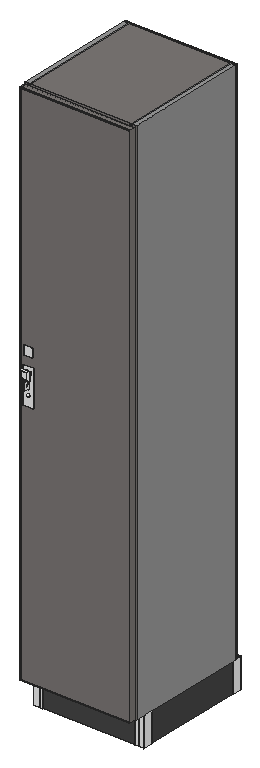
Revit family "Wood_Lockers_Hasps-Salsbury_Industries-15_41000_Series-1_Wide_Units", category Specialty Equipment, Revit 2026
Family settings
  Round Connector Dimension = Use Diameter
  Part Type = Normal
  Classification Number = 23.40.00.00
  Work Plane-Based = No
  Enable Cutting in Views = No
  Always vertical = Yes
  Cut with Voids When Loaded = No
  Maintain Annotation Orientation = No
  Shared = No
  Room Calculation Point = No
Parameters (values of type "15-41168")
  Width = 15.000"
  Version = "1.0 (01/31/24)"
  Unit Height including Sloping Hood Only [instance] = 78.868"
  Unit Height including Base Only [instance] = 76.000"
  URL = "www.lockers.com"
  Type Comments = "Premier Wood Locker - Single Tier - with Hasp"
  Total Door Height [instance] = if(Unit Height = 72.000", 71.750", if(Unit Height = 60.000", 59.750", 0.000"))  # 71.750"
  Sloping Top Corner Filler - Right Side [instance] = Wood Locker Sloping Corner Fillers : None
  Sloping Top Corner Filler - Left Side [instance] = Wood Locker Sloping Corner Fillers : None
  Sloping In-Line Filler - Right Side [instance] = Wood Locker Sloping In-Line Fillers : None
  Sloping In-Line Filler - Left Side [instance] = Wood Locker Sloping In-Line Fillers : None
  Sloping Hood Height = if(Depth = 15.000", 5.743", if(Depth = 18.000", 6.868", if(Depth = 21.000", 7.993", if(Depth = 24.000", 9.118", 0.000"))))  # 6.868"
  Sloping Hood [instance] = Wood Locker Sloping Hoods : None
  Side Panel without Slope - Right Side [instance] = Wood Locker Side Panels-No Slope : None
  Side Panel without Slope - Left Side [instance] = Wood Locker Side Panels-No Slope : None
  Side Panel with Slope - Right Side [instance] = Wood Locker Side Panels-With Slope : None
  Side Panel with Slope - Left Side [instance] = Wood Locker Side Panels-With Slope : None
  Secondary Structure Materials = Particle Board Industrial Grade - Salsbury Finish - Black Melamine Overlay
  Primary Structure Materials = Particle Board Industrial Grade - Salsbury Finish - Plain
  Overall Unit Height including Base and Sloping Hood [instance] = 82.868"
  OmniClass 23 Title = "Equipment and Furnishings"
  OmniClass 23 Number = "23.40.00.00"
  Model = "15-41168"
  MasterFormat Title = "Lockers"
  MasterFormat Code = "10 51 23"
  Manufacturer = "Salsbury Industries"
  Laminate Surface [instance] = Industrial Grade Particleboard with Wood Laminate - Salsbury Finish - Skyline Walnut
  Interior Material = Textured Melamine - Salsbury Finish - White
  Individual Door Width [instance] = 14.875"
  Unit Height = 72.000"
  Hardware = Aluminum - Salsbury Finish - Black Satin
  Front Vertical Filler - Right Side [instance] = Wood Locker Front Fillers : None
  Front Vertical Filler - Left Side [instance] = Wood Locker Front Fillers : None
  Front Corner Filler - Right Side [instance] = Wood Locker Front Corner Filler : None
  Front Corner Filler - Left Side [instance] = Wood Locker Front Corner Filler : None
  Flat Top In-Line Filler - Right Side [instance] = Wood Locker Flat In-Line Fillers : None
  Flat Top In-Line Filler - Left Side [instance] = Wood Locker Flat In-Line Fillers : None
  Flat Top Corner Filler - Right Side [instance] = Wood Locker Flat Corner Fillers : None
  Flat Top Corner Filler - Left Side [instance] = Wood Locker Flat Corner Fillers : None
  Fascia Filler [instance] = Wood Locker Fascia Fillers : None
  Double Side Panel without Slope - Right Side [instance] = Wood Locker Double Side Panels-No Slope : None
  Double Side Panel without Slope - Left Side [instance] = Wood Locker Double Side Panels-No Slope : None
  Double Side Panel with Slope - Right Side [instance] = Wood Locker Double Side Panels-With Slope : None
  Double Side Panel with Slope - Left Side [instance] = Wood Locker Double Side Panels-With Slope : None
  Door Location D1 = Premier Locker Doors_Hasp : Single Tier Door for Six Foot High Locker
  Description = "1 Wide - 6 Feet High - 18 inches Deep - with Base"
  Depth = 18.000"
  Default Elevation = 0.000"
  Compartment Width [instance] = 13.750"
  Compartment Height [instance] = if(Unit Height = 72.000", 70.500", if(Unit Height = 60.000", 58.500", 0.000"))  # 70.500"
  Compartment Depth [instance] = 16.750"
  Base Material = Particle Board Industrial Grade - Salsbury Finish - Black Melamine Overlay
  Base Height = 4.000"
  Base Depth [instance] = 16.250"
  Base = Wood Locker Bases : Base - 15" W x 18" D Lockers
  Assembly Code = "C1030310"
Reference planes (in)
  plane 1 "Center (Front/Back)": y = 0
  plane 2: z = 0
  plane 3 "Center (Left/Right)": x = 0
  plane 4 "Right Side of Unit": x = 7.5
  plane 5 "Left Side of Unit": x = -7.5
  plane 6 "Back of Unit": y = 9
  plane 7 "Front of Unit": y = -9
  plane 8 "Bottom of Base": z = 0
  plane 9 "Top Edge of Unit": z = 76
  plane 10 "Top of Base Edge": z = 4
  plane 11: z = 82.868
  plane 12 "Right Compartment Edge": x = 6.906
  plane 13 "Left Compartment Edge": x = -6.906
  plane 14 "Front Melamine Edge": y = -8
  plane 15 "Back Compartment Edge": y = 8.781
  plane 16 "Front Compartment Edge": y = -7.969
  plane 17 "Front Edge of Base": y = -6.625
  plane 18 "Bottom Edge of Door": z = 4.125
  plane 19 "Top Edge of Door": z = 75.875
  plane 20 "Bottom Compartment Edge": z = 4.75
  plane 21 "Top Compartment Edge": z = 75.25
  plane 22 "Center Top and Bottom": z = 40
  plane 23 "Left Melamine Edge": x = -6.875
  plane 24 "Right Melamine Edge": x = 6.875
  plane 25 "Back Melamine Edge": y = 8.75
  plane 26 "Left Edge of Door": x = -7.375
  plane 27: y = 9.625
  plane 28: y = -7.25
  plane 29 "Base / Ventillation Alignment": y = 9.625
  plane 30 "Compartment Shelf": z = 64.125
  plane 31: z = 63.375
  plane 32 "5" Shelf": z = 58.875
  plane 33: z = 58.125
  plane 34 "Front Edge of 5" Shelf": y = 3.75
  plane 35 "11.75" Shelf": z = 13
  plane 36: z = 13.75
  plane 37 "Front of Shoe Shelf": y = -3
  plane 38: y = 3.781
  plane 39: y = -2.969
  plane 40: z = 81.743
  plane 41: z = 81.743
  plane 42: z = 82.61385
  plane 43: z = 82.19365
  plane 44: z = 75.281
  plane 45: z = 4.719
Forms (in)
  Extrusion 1, solid, material "Particle Board Industrial Grade - Salsbury Finish - Plain" <- "Primary Structure Materials"
    sketch origin (7.5, 0, 0) x (0, -1, 0) y (0, 0, 1)
      loop
        line (7.969, 76) -> (-8.75, 76) -> (-8.75, 4) -> (7.969, 4) -> (7.969, 76)
    from 0 to 0.594
  Extrusion 2, solid, material "Particle Board Industrial Grade - Salsbury Finish - Plain" <- "Primary Structure Materials"
    sketch origin (-7.5, 0, 0) x (0, -1, 0) y (0, 0, 1)
      loop
        line (-8.75, 76) -> (-8.75, 4) -> (7.969, 4) -> (7.969, 76) -> (-8.75, 76)
    from 0 to -0.594
  Extrusion 3, solid, material "Particle Board Industrial Grade - Salsbury Finish - Black Melamine Overlay" <- "Secondary Structure Materials"
    sketch origin (0, 0, 4) x (0, -1, 0) y (1, 0, 0)
      loop
        line (-8.75, -6.875) -> (7.969, -6.875) -> (7.969, 6.875) -> (-8.75, 6.875) -> (-8.75, -6.875)
    from 0 to 0.719
  Extrusion 4, solid, material "Industrial Grade Particleboard with Wood Laminate - Salsbury Finish - Skyline Walnut" <- "Laminate Surface"
    sketch origin (-0.3905, 0.3905, 76) x (-1, 0, 0) y (0, -1, 0)
      loop
        line (-7.2655, -8.3595) -> (6.4845, -8.3595) -> (6.4845, 8.3595) -> (-7.2655, 8.3595) -> (-7.2655, -8.3595)
    from 0 to -0.75
  Extrusion 5, solid, material "Particle Board Industrial Grade - Salsbury Finish - Plain" <- "Primary Structure Materials"
    sketch origin (0, 9, 0) x (1, 0, 0) y (0, 0, 1)
      loop
        line (-7.5, 76) -> (-7.5, 4) -> (7.5, 4) -> (7.5, 76) -> (-7.5, 76)
    from 0 to 0.219
  Extrusion 6, solid, material "Industrial Grade Particleboard with Wood Laminate - Salsbury Finish - Skyline Walnut" <- "Laminate Surface"
    sketch origin (0, -7.969, 0) x (1, 0, 0) y (0, 0, 1)
      loop
        line (-7.5, 76) -> (-7.5, 4) -> (-6.875, 4) -> (-6.875, 76) -> (-7.5, 76)
    from 0 to 0.031
  Extrusion 7, solid, material "Industrial Grade Particleboard with Wood Laminate - Salsbury Finish - Skyline Walnut" <- "Laminate Surface"
    sketch origin (0, -7.969, 0) x (-1, 0, 0) y (0, 0, -1)
      loop
        line (-7.5, -76) -> (-6.875, -76) -> (-6.875, -4) -> (-7.5, -4) -> (-7.5, -76)
    from 0 to 0.031
  Extrusion 8, solid, material "Textured Melamine - Salsbury Finish - White" <- "Interior Material"
    sketch origin (0, 8.75, 0) x (1, 0, 0) y (0, 0, 1)
      loop
        line (-7.5, 76) -> (-7.5, 4) -> (7.5, 4) -> (7.5, 76) -> (-7.5, 76)
    from -0.031 to 0
  Extrusion 9, solid, material "Textured Melamine - Salsbury Finish - White" <- "Interior Material"
    sketch origin (-6.906, 0, 0) x (0, -1, 0) y (0, 0, 1)
      loop
        line (-8.75, 76) -> (-8.75, 4) -> (7.969, 4) -> (7.969, 76) -> (-8.75, 76)
    from 0 to -0.031
  Extrusion 10, solid, material "Textured Melamine - Salsbury Finish - White" <- "Interior Material"
    sketch origin (6.906, 0, 0) x (0, -1, 0) y (0, 0, 1)
      loop
        line (7.969, 76) -> (-8.75, 76) -> (-8.75, 4) -> (7.969, 4) -> (7.969, 76)
    from 0 to 0.031
  Extrusion 11, solid, material "Textured Melamine - Salsbury Finish - White" <- "Interior Material", detail levels fine
    sketch origin (0, 0, 64.125) x (0, -1, 0) y (1, 0, 0)
      loop
        line (-8.75, -6.875) -> (7.969, -6.875) -> (7.969, 6.875) -> (-8.75, 6.875) -> (-8.75, -6.875)
    from 0 to -0.75
  Extrusion 12, solid, material "Textured Melamine - Salsbury Finish - White" <- "Interior Material", detail levels fine
    sketch origin (0, 0, 58.875) x (0, -1, 0) y (1, 0, 0)
      loop
        line (-8.75, -6.875) -> (-3.781, -6.875) -> (-3.781, 6.875) -> (-8.75, 6.875) -> (-8.75, -6.875)
    from 0 to -0.75
  Extrusion 13, solid, material "Textured Melamine - Salsbury Finish - White" <- "Interior Material", detail levels fine
    sketch origin (0, 0, 13) x (0, -1, 0) y (1, 0, 0)
      loop
        line (-8.75, -6.875) -> (2.969, -6.875) -> (2.969, 6.875) -> (-8.75, 6.875) -> (-8.75, -6.875)
    from 0.75 to 0
  Extrusion 14, solid, material "Industrial Grade Particleboard with Wood Laminate - Salsbury Finish - Skyline Walnut" <- "Laminate Surface"
    sketch origin (0, -7.969, 0) x (1, 0, 0) y (0, 0, 1)
      loop
        line (6.875, 75.25) -> (6.875, 76) -> (-6.875, 76) -> (-6.875, 75.25) -> (6.875, 75.25)
    from 0 to 0.031
  Extrusion 15, solid, material "Industrial Grade Particleboard with Wood Laminate - Salsbury Finish - Skyline Walnut" <- "Laminate Surface"
    sketch origin (0, -7.969, -71.25) x (1, 0, 0) y (0, 0, 1)
      loop
        line (6.875, 75.25) -> (6.875, 76) -> (-6.875, 76) -> (-6.875, 75.25) -> (6.875, 75.25)
    from 0 to 0.031
  Extrusion 16, solid, material "Industrial Grade Particleboard with Wood Laminate - Salsbury Finish - Skyline Walnut" <- "Laminate Surface", detail levels fine
    sketch origin (0, -7.969, 0) x (1, 0, 0) y (0, 0, 1)
      loop
        line (-6.875, 64.125) -> (-6.875, 63.375) -> (6.875, 63.375) -> (6.875, 64.125) -> (-6.875, 64.125)
    from 0 to 0.031
  Extrusion 17, solid, material "Industrial Grade Particleboard with Wood Laminate - Salsbury Finish - Skyline Walnut" <- "Laminate Surface", detail levels fine
    sketch origin (0, 3.75, 0) x (1, 0, 0) y (0, 0, 1)
      loop
        line (-6.875, 58.875) -> (-6.875, 58.125) -> (6.875, 58.125) -> (6.875, 58.875) -> (-6.875, 58.875)
    from -0.031 to 0
  Extrusion 18, solid, material "Industrial Grade Particleboard with Wood Laminate - Salsbury Finish - Skyline Walnut" <- "Laminate Surface", detail levels fine
    sketch origin (0, -3, 0) x (1, 0, 0) y (0, 0, 1)
      loop
        line (-6.875, 13.75) -> (-6.875, 13) -> (6.875, 13) -> (6.875, 13.75) -> (-6.875, 13.75)
    from -0.031 to 0
  Extrusion 19, solid, material "Textured Melamine - Salsbury Finish - White" <- "Interior Material"
    sketch origin (0, 0, 4.75) x (0, -1, 0) y (1, 0, 0)
      loop
        line (-8.75, -6.875) -> (7.969, -6.875) -> (7.969, 6.875) -> (-8.75, 6.875) -> (-8.75, -6.875)
    from -0.031 to 0
Lines and regions (in)
  symbolic lines
    curve 1: line (-7.5, 8.75, 76) -> (7.50006, 8.75, 76)
    curve 2: line (-7.5, 8.75, 0) -> (-7.5, 8.75, 76)
    curve 3: line (7.50006, 8.75, 76) -> (7.50006, 8.75, 0)
    curve 4: line (6.906, -8, 76) -> (6.906, 9.625, 76)
    curve 5: line (6.906, -8, 0) -> (6.906, -8, 76)
    curve 6: line (6.906, 9.625, 76) -> (6.906, 9.625, 0)
    curve 7: line (7.50006, 8.75, 0) -> (-7.5, 8.75, 0)
    curve 8: line (6.906, -6.625, 0) -> (6.906, 9.625, 0)
    curve 9: line (6.906, 9.625, 0) -> (6.906, -6.625, 0)
    curve 10: line (6.906, -8, 0) -> (6.906, 9.625, 0)
    curve 11: line (-7.5, 9.625, 0) -> (7.5, 9.625, 0)
    curve 12: line (-7.5, -8, 0) -> (-7.5, 9.625, 0)
    curve 13: line (7.5, -8, 0) -> (-7.5, -8, 0)
    curve 14: line (7.5, 9.625, 0) -> (7.5, -8, 0)
Dimensions and locks (in)
  equal spacing: plane 5 "Left Side of Unit", plane 3 "Center (Left/Right)", plane 4 "Right Side of Unit"
  "Width": plane 5 "Left Side of Unit" to plane 4 "Right Side of Unit"
  equal spacing: plane 7 "Front of Unit", plane 1 "Center (Front/Back)", plane 6 "Back of Unit"
  "Depth": plane 7 "Front of Unit" to plane 6 "Back of Unit"
  "Base Height": plane 10 "Top of Base Edge" to plane 8 "Bottom of Base"
  "Unit Height": plane 9 "Top Edge of Unit" to plane 10 "Top of Base Edge"
  "Sloping Hood Height": plane 11 to plane 9 "Top Edge of Unit"
  locked: plane 12 "Right Compartment Edge" to plane 4 "Right Side of Unit" at 0.594
  locked: plane 5 "Left Side of Unit" to plane 13 "Left Compartment Edge" at 0.594
  locked: plane 7 "Front of Unit" to plane 14 "Front Melamine Edge" at 1
  locked: plane 15 "Back Compartment Edge" to plane 6 "Back of Unit" at 0.219
  locked: plane 14 "Front Melamine Edge" to plane 16 "Front Compartment Edge" at 0.031
  plane 18 "Bottom Edge of Door" to plane 10 "Top of Base Edge" = 0.125"
  plane 9 "Top Edge of Unit" to plane 19 "Top Edge of Door" = 0.125"
  plane 20 "Bottom Compartment Edge" to plane 10 "Top of Base Edge" = 0.750"
  plane 9 "Top Edge of Unit" to plane 21 "Top Compartment Edge" = 0.750"
  equal spacing: plane 9 "Top Edge of Unit", plane 22 "Center Top and Bottom", plane 10 "Top of Base Edge"
  locked: plane 24 "Right Melamine Edge" to plane 12 "Right Compartment Edge" at 0.031
  locked: plane 13 "Left Compartment Edge" to plane 23 "Left Melamine Edge" at 0.031
  locked: plane 25 "Back Melamine Edge" to plane 15 "Back Compartment Edge" at 0.031
  locked: plane 5 "Left Side of Unit" to plane 26 "Left Edge of Door" at 0.125
  "Individual Door Width": plane 26 "Left Edge of Door" to plane 4 "Right Side of Unit"
  "Total Door Height": plane 19 "Top Edge of Door" to plane 18 "Bottom Edge of Door"
  "Unit Height including Base Only": plane 9 "Top Edge of Unit" to plane 8 "Bottom of Base"
  "Unit Height including Sloping Hood Only": plane 11 to plane 10 "Top of Base Edge"
  "Overall Unit Height including Base and Sloping Hood": plane 11 to plane 8 "Bottom of Base"
  locked: plane 7 "Front of Unit" to plane 17 "Front Edge of Base" at 2.375
  locked: plane 6 "Back of Unit" to plane 27 at 0.625
  "Base Depth": plane 17 "Front Edge of Base" to plane 27
  "Compartment Width": plane 23 "Left Melamine Edge" to plane 24 "Right Melamine Edge"
  "Compartment Height": plane 21 "Top Compartment Edge" to plane 20 "Bottom Compartment Edge"
  "Compartment Depth": plane 14 "Front Melamine Edge" to plane 25 "Back Melamine Edge"
  locked: plane 14 "Front Melamine Edge" to plane 28 at 0.75
  plane 14 "Front Melamine Edge" to plane 27 = 17.625"
  Extrusion 2 to Extrusion 9 = 16.719"
  plane 6 "Back of Unit" to plane 29 "Base / Ventillation Alignment" = 0.625"
  plane 21 "Top Compartment Edge" to plane 30 "Compartment Shelf" = 11.125"
  locked: plane 30 "Compartment Shelf" to plane 31 at 0.75
  locked: plane 31 to plane 32 "5" Shelf" at 4.5
  locked: plane 32 "5" Shelf" to plane 33 at 0.75
  locked: plane 34 "Front Edge of 5" Shelf" to plane 25 "Back Melamine Edge" at 5
  locked: plane 36 to plane 35 "11.75" Shelf" at 0.75
  locked: plane 35 "11.75" Shelf" to plane 20 "Bottom Compartment Edge" at 8.25
  locked: plane 37 "Front of Shoe Shelf" to plane 25 "Back Melamine Edge" at 11.75
  locked: plane 34 "Front Edge of 5" Shelf" to plane 38 at 0.031
  locked: plane 37 "Front of Shoe Shelf" to plane 39 at 0.031
  locked: plane 44 to plane 21 "Top Compartment Edge" at 0.031
  locked: plane 20 "Bottom Compartment Edge" to plane 45 at 0.031
  aligned and locked: level to plane 2
  aligned and locked: plane 15 "Back Compartment Edge" to Extrusion 5
  aligned and locked: plane 9 "Top Edge of Unit" to nested 1
  aligned and locked: plane 28 to nested 1
  aligned and locked: nested 2 to plane 28
  aligned and locked: plane 5 "Left Side of Unit" to nested 2
  aligned and locked: plane 4 "Right Side of Unit" to nested 1
  aligned and locked: nested 2 to plane 9 "Top Edge of Unit"
  aligned and locked: plane 14 "Front Melamine Edge" to nested 3
  aligned and locked: plane 4 "Right Side of Unit" to nested 3
  aligned and locked: nested 4 to plane 14 "Front Melamine Edge"
  aligned and locked: plane 5 "Left Side of Unit" to nested 4
  aligned and locked: nested 3 to plane 8 "Bottom of Base"
  aligned and locked: nested 4 to plane 8 "Bottom of Base"
  aligned and locked: plane 17 "Front Edge of Base" to nested 5
  aligned and locked: nested 7 to plane 9 "Top Edge of Unit"
  aligned and locked: plane 4 "Right Side of Unit" to nested 7
  aligned and locked: nested 6 to plane 9 "Top Edge of Unit"
  aligned and locked: plane 5 "Left Side of Unit" to nested 6
  aligned and locked: nested 7 to plane 28
  aligned and locked: nested 6 to plane 28
  aligned and locked: plane 14 "Front Melamine Edge" to nested 8
  aligned and locked: plane 9 "Top Edge of Unit" to nested 8
  aligned and locked: plane 8 "Bottom of Base" to nested 5
  aligned and locked: plane 3 "Center (Left/Right)" to nested 5
  aligned and locked: plane 25 "Back Melamine Edge" to Extrusion 3 sketch curve
  aligned and locked: Extrusion 3 sketch curve to plane 23 "Left Melamine Edge"
  aligned and locked: plane 24 "Right Melamine Edge" to Extrusion 3 sketch curve
  aligned and locked: plane 10 "Top of Base Edge" to Extrusion 3
  aligned and locked: Extrusion 4 to plane 9 "Top Edge of Unit"
  aligned and locked: Extrusion 2 sketch curve to plane 9 "Top Edge of Unit"
  aligned and locked: plane 16 "Front Compartment Edge" to Extrusion 2 sketch curve
  aligned and locked: Extrusion 2 sketch curve to plane 25 "Back Melamine Edge"
  aligned and locked: plane 10 "Top of Base Edge" to Extrusion 2 sketch curve
  aligned and locked: Extrusion 2 to plane 13 "Left Compartment Edge"
  aligned and locked: plane 5 "Left Side of Unit" to Extrusion 2
  aligned and locked: plane 10 "Top of Base Edge" to Extrusion 9 sketch curve
  aligned and locked: Extrusion 9 sketch curve to plane 25 "Back Melamine Edge"
  aligned and locked: Extrusion 9 sketch curve to plane 9 "Top Edge of Unit"
  aligned and locked: Extrusion 1 sketch curve to plane 16 "Front Compartment Edge"
  aligned and locked: plane 9 "Top Edge of Unit" to Extrusion 1 sketch curve
  aligned and locked: Extrusion 1 sketch curve to plane 10 "Top of Base Edge"
  aligned and locked: plane 25 "Back Melamine Edge" to Extrusion 1 sketch curve
  aligned and locked: Extrusion 1 to plane 4 "Right Side of Unit"
  aligned and locked: plane 12 "Right Compartment Edge" to Extrusion 1
  aligned and locked: Extrusion 10 sketch curve to plane 10 "Top of Base Edge"
  aligned and locked: plane 25 "Back Melamine Edge" to Extrusion 10 sketch curve
  aligned and locked: Extrusion 10 sketch curve to plane 16 "Front Compartment Edge"
  aligned and locked: plane 9 "Top Edge of Unit" to Extrusion 10 sketch curve
  aligned and locked: Extrusion 10 to plane 12 "Right Compartment Edge"
  aligned and locked: plane 24 "Right Melamine Edge" to Extrusion 10
  aligned and locked: Extrusion 8 sketch curve to plane 10 "Top of Base Edge"
  aligned and locked: plane 4 "Right Side of Unit" to Extrusion 8 sketch curve
  aligned and locked: plane 9 "Top Edge of Unit" to Extrusion 8 sketch curve
  aligned and locked: Extrusion 8 sketch curve to plane 5 "Left Side of Unit"
  aligned and locked: Extrusion 8 to plane 15 "Back Compartment Edge"
  aligned and locked: plane 25 "Back Melamine Edge" to Extrusion 8
  aligned and locked: plane 9 "Top Edge of Unit" to Extrusion 5 sketch curve
  aligned and locked: Extrusion 5 sketch curve to plane 5 "Left Side of Unit"
  aligned and locked: Extrusion 5 sketch curve to plane 10 "Top of Base Edge"
  aligned and locked: plane 4 "Right Side of Unit" to Extrusion 5 sketch curve
  aligned and locked: Extrusion 7 sketch curve to plane 9 "Top Edge of Unit"
  aligned and locked: Extrusion 7 sketch curve to plane 4 "Right Side of Unit"
  aligned and locked: plane 24 "Right Melamine Edge" to Extrusion 7 sketch curve
  aligned and locked: plane 10 "Top of Base Edge" to Extrusion 7 sketch curve
  aligned and locked: Extrusion 7 to plane 16 "Front Compartment Edge"
  aligned and locked: plane 14 "Front Melamine Edge" to Extrusion 7
  aligned and locked: Extrusion 6 sketch curve to plane 10 "Top of Base Edge"
  aligned and locked: plane 23 "Left Melamine Edge" to Extrusion 6 sketch curve
  aligned and locked: Extrusion 6 sketch curve to plane 5 "Left Side of Unit"
  aligned and locked: plane 9 "Top Edge of Unit" to Extrusion 6 sketch curve
  aligned and locked: Extrusion 6 to plane 16 "Front Compartment Edge"
  aligned and locked: plane 14 "Front Melamine Edge" to Extrusion 6
  aligned and locked: plane 16 "Front Compartment Edge" to Extrusion 9
  aligned and locked: Extrusion 9 to Extrusion 3
  aligned and locked: plane 13 "Left Compartment Edge" to Extrusion 9
  aligned and locked: curve 2 to nested 4
  aligned and locked: nested 3 to curve 5
  aligned and locked: curve 9 to nested 5
  aligned and locked: curve 10 to nested 3
  aligned and locked: curve 13 to plane 14 "Front Melamine Edge"
  aligned and locked: curve 12 to plane 5 "Left Side of Unit"
  aligned and locked: plane 29 "Base / Ventillation Alignment" to curve 11
  aligned and locked: plane 3 "Center (Left/Right)" to nested 8
  aligned and locked: plane 29 "Base / Ventillation Alignment" to curve 6
  aligned and locked: plane 25 "Back Melamine Edge" to Extrusion 11 sketch curve
  aligned and locked: Extrusion 11 sketch curve to plane 23 "Left Melamine Edge"
  aligned and locked: plane 24 "Right Melamine Edge" to Extrusion 11 sketch curve
  aligned and locked: plane 31 to Extrusion 11
  aligned and locked: Extrusion 11 to plane 30 "Compartment Shelf"
  aligned and locked: Extrusion 12 to plane 24 "Right Melamine Edge"
  aligned and locked: plane 23 "Left Melamine Edge" to Extrusion 12
  aligned and locked: Extrusion 12 to plane 32 "5" Shelf"
  aligned and locked: plane 33 to Extrusion 12
  aligned and locked: Extrusion 12 to plane 25 "Back Melamine Edge"
  aligned and locked: Extrusion 13 to plane 36
  aligned and locked: plane 35 "11.75" Shelf" to Extrusion 13
  aligned and locked: Extrusion 13 to plane 24 "Right Melamine Edge"
  aligned and locked: plane 23 "Left Melamine Edge" to Extrusion 13
  aligned and locked: Extrusion 13 to plane 25 "Back Melamine Edge"
  aligned and locked: Extrusion 14 sketch curve to Extrusion 4
  aligned and locked: Extrusion 6 to Extrusion 14 sketch curve
  aligned and locked: plane 20 "Bottom Compartment Edge" to Extrusion 15 sketch curve
  aligned and locked: Extrusion 15 sketch curve to plane 10 "Top of Base Edge"
  aligned and locked: Extrusion 15 sketch curve to plane 23 "Left Melamine Edge"
  aligned and locked: plane 24 "Right Melamine Edge" to Extrusion 15 sketch curve
  aligned and locked: Extrusion 15 to plane 16 "Front Compartment Edge"
  aligned and locked: plane 14 "Front Melamine Edge" to Extrusion 15
  aligned and locked: Extrusion 11 sketch curve to plane 16 "Front Compartment Edge"
  aligned and locked: Extrusion 16 sketch curve to Extrusion 11  (x4)
  aligned and locked: plane 14 "Front Melamine Edge" to Extrusion 16
  aligned and locked: Extrusion 16 to plane 16 "Front Compartment Edge"
  aligned and locked: plane 38 to Extrusion 12
  aligned and locked: Extrusion 17 sketch curve to plane 33
  aligned and locked: plane 32 "5" Shelf" to Extrusion 17 sketch curve
  aligned and locked: Extrusion 17 sketch curve to plane 23 "Left Melamine Edge"
  aligned and locked: plane 24 "Right Melamine Edge" to Extrusion 17 sketch curve
  aligned and locked: Extrusion 17 to Extrusion 12
  aligned and locked: plane 34 "Front Edge of 5" Shelf" to Extrusion 17
  aligned and locked: plane 39 to Extrusion 13
  aligned and locked: Extrusion 18 to Extrusion 13  (x3)
  aligned and locked: plane 23 "Left Melamine Edge" to Extrusion 18
  aligned and locked: Extrusion 18 to plane 24 "Right Melamine Edge"
  aligned and locked: plane 37 "Front of Shoe Shelf" to Extrusion 18
  aligned and locked: plane 5 "Left Side of Unit" to nested 9
  aligned and locked: plane 10 "Top of Base Edge" to nested 9
  aligned and locked: nested 9 to plane 14 "Front Melamine Edge"
  aligned and locked: nested 10 to plane 10 "Top of Base Edge"
  aligned and locked: plane 4 "Right Side of Unit" to nested 10
  aligned and locked: plane 14 "Front Melamine Edge" to nested 10
  aligned and locked: plane 3 "Center (Left/Right)" to nested 11
  aligned and locked: plane 9 "Top Edge of Unit" to nested 11
  aligned and locked: plane 14 "Front Melamine Edge" to nested 11
  aligned and locked: plane 5 "Left Side of Unit" to nested 12
  aligned and locked: plane 10 "Top of Base Edge" to nested 12
  aligned and locked: nested 12 to plane 14 "Front Melamine Edge"
  aligned and locked: plane 4 "Right Side of Unit" to nested 13
  aligned and locked: nested 13 to plane 10 "Top of Base Edge"
  aligned and locked: plane 14 "Front Melamine Edge" to nested 13
  aligned and locked: plane 5 "Left Side of Unit" to nested 14
  aligned and locked: plane 10 "Top of Base Edge" to nested 14
  aligned and locked: nested 14 to plane 14 "Front Melamine Edge"
  aligned and locked: plane 4 "Right Side of Unit" to nested 15
  aligned and locked: nested 15 to plane 10 "Top of Base Edge"
  aligned and locked: plane 14 "Front Melamine Edge" to nested 15
  aligned and locked: plane 10 "Top of Base Edge" to nested 16
  aligned and locked: plane 5 "Left Side of Unit" to nested 16
  aligned and locked: nested 16 to plane 14 "Front Melamine Edge"
  aligned and locked: plane 14 "Front Melamine Edge" to nested 17
  aligned and locked: plane 4 "Right Side of Unit" to nested 17
  aligned and locked: nested 17 to plane 10 "Top of Base Edge"
  aligned and locked: plane 18 "Bottom Edge of Door" to nested 18
  aligned and locked: plane 4 "Right Side of Unit" to nested 18
  aligned and locked: nested 18 to plane 7 "Front of Unit"
  aligned and locked: plane 5 "Left Side of Unit" to nested 19
  aligned and locked: plane 9 "Top Edge of Unit" to nested 19
  aligned and locked: nested 19 to plane 14 "Front Melamine Edge"
  aligned and locked: nested 20 to plane 14 "Front Melamine Edge"
  aligned and locked: plane 4 "Right Side of Unit" to nested 20
  aligned and locked: nested 20 to plane 9 "Top Edge of Unit"
  aligned and locked: nested 21 to plane 14 "Front Melamine Edge"
  aligned and locked: plane 5 "Left Side of Unit" to nested 21
  aligned and locked: nested 21 to plane 9 "Top Edge of Unit"
  aligned and locked: nested 22 to plane 14 "Front Melamine Edge"
  aligned and locked: nested 22 to plane 4 "Right Side of Unit"
  aligned and locked: nested 22 to plane 9 "Top Edge of Unit"
  aligned and locked: plane 21 "Top Compartment Edge" to Extrusion 14
  aligned and locked: Extrusion 3 to plane 45
  aligned and locked: Extrusion 19 sketch curve to Extrusion 3  (x4)
  aligned and locked: Extrusion 19 to Extrusion 3
  aligned and locked: Extrusion 19 to plane 20 "Bottom Compartment Edge"
  aligned and locked: plane 14 "Front Melamine Edge" to nested 23
  aligned and locked: nested 23 to plane 5 "Left Side of Unit"
  aligned and locked: nested 23 to plane 8 "Bottom of Base"
  aligned and locked: plane 8 "Bottom of Base" to nested 24
  aligned and locked: nested 24 to plane 4 "Right Side of Unit"
  aligned and locked: nested 24 to plane 14 "Front Melamine Edge"
  aligned and locked: plane 21 "Top Compartment Edge" to Extrusion 4
  aligned and locked: Extrusion 4 to Extrusion 3  (x2)
  aligned and locked: Extrusion 3 to Extrusion 4
  aligned and locked: plane 16 "Front Compartment Edge" to Extrusion 4
Automatic sketch dimensions
  plane 16 "Front Compartment Edge" to Extrusion 3 sketch curve = 0.000"
  Extrusion 9 sketch curve to plane 16 "Front Compartment Edge" = 0.000"
  curve 3 to level = 0.000"
  curve 3 to plane 4 "Right Side of Unit" = 0.00006"
  curve 8 to plane 17 "Front Edge of Base" = 0.000"
  curve 9 to plane 17 "Front Edge of Base" = 0.000"
  curve 13 to plane 4 "Right Side of Unit" = 0.000"
  Extrusion 12 sketch curve to plane 24 "Right Melamine Edge" = 0.000"
  plane 25 "Back Melamine Edge" to Extrusion 12 sketch curve = 0.000"
  Extrusion 12 sketch curve to plane 23 "Left Melamine Edge" = 0.000"
  plane 38 to Extrusion 12 sketch curve = 0.000"
  Extrusion 13 sketch curve to plane 24 "Right Melamine Edge" = 0.000"
  plane 25 "Back Melamine Edge" to Extrusion 13 sketch curve = 0.000"
  Extrusion 13 sketch curve to plane 23 "Left Melamine Edge" = 0.000"
  plane 39 to Extrusion 13 sketch curve = 0.000"
  plane 23 "Left Melamine Edge" to Extrusion 18 sketch curve = 0.000"
  plane 24 "Right Melamine Edge" to Extrusion 18 sketch curve = 0.000"
  Extrusion 18 sketch curve to plane 35 "11.75" Shelf" = 0.000"
  Extrusion 18 sketch curve to plane 36 = 0.000"
  plane 9 "Top Edge of Unit" to curve 5 = 0.000"
  curve 3 to plane 9 "Top Edge of Unit" = 0.000"
  plane 17 "Front Edge of Base" to Extrusion 4 sketch curve = 1.344"
  plane 4 "Right Side of Unit" to Extrusion 4 sketch curve = 0.625"
  Extrusion 4 sketch curve to plane 5 "Left Side of Unit" = 0.625"
  plane 25 "Back Melamine Edge" to Extrusion 4 sketch curve = 0.000"
  plane 24 "Right Melamine Edge" to Extrusion 14 sketch curve = 0.000"
  Extrusion 14 sketch curve to plane 21 "Top Compartment Edge" = 0.000"
Nested families (in)
  nested 1: "Wood Locker Flat Corner Fillers" at (15, -3.625, 75.25), type <- "Flat Top Corner Filler - Right Side", type "None"
  nested 2: "Wood Locker Flat Corner Fillers" at (-15, -3.625, 75.25) x (-1, 0, 0) z (0, 0, 1), type <- "Flat Top Corner Filler - Left Side", type "None"
  nested 3: "Wood Locker Front Fillers" at (15, -7.625, 0), type <- "Front Vertical Filler - Right Side", type "None"
  nested 4: "Wood Locker Front Fillers" at (-15, -7.625, 0) x (-1, 0, 0) z (0, 0, 1), type <- "Front Vertical Filler - Left Side", type "None"
  nested 5: "Wood Locker Bases" at (0, 1.5, 0), type <- "Base", type "Base - 15" W x 18" D Lockers"
  nested 6: "Wood Locker Flat In-Line Fillers" at (-15, -0.625, 75.25), type <- "Flat Top In-Line Filler - Left Side", type "None"
  nested 7: "Wood Locker Flat In-Line Fillers" at (15, -0.625, 75.25) x (-1, 0, 0) z (0, 0, 1), type <- "Flat Top In-Line Filler - Right Side", type "None"
  nested 8: "Wood Locker Fascia Fillers" at (0, -7.625, 76), type <- "Fascia Filler", type "None"
  nested 9: "Wood Locker Side Panels-With Slope" at (-7.875, -0.6875, 4) x (0, -1, 0) z (0, 0, 1), type <- "Side Panel with Slope - Left Side", type "None"
  nested 10: "Wood Locker Side Panels-With Slope" at (7.875, -0.6875, 4) x (0, -1, 0) z (0, 0, 1), type <- "Side Panel with Slope - Right Side", type "None"
  nested 11: "Wood Locker Sloping Hoods" at (0, -0.6875, 76), type <- "Sloping Hood", type "None"
  nested 12: "Wood Locker Double Side Panels-With Slope" at (-7.875, -1, 4) x (0, -1, 0) z (0, 0, 1), type <- "Double Side Panel with Slope - Left Side", type "None"
  nested 13: "Wood Locker Double Side Panels-With Slope" at (7.875, -1, 4) x (0, -1, 0) z (0, 0, 1), type <- "Double Side Panel with Slope - Right Side", type "None"
  nested 14: "Wood Locker Side Panels-No Slope" at (-7.875, -1, 4) x (0, -1, 0) z (0, 0, 1), type <- "Side Panel without Slope - Left Side", type "None"
  nested 15: "Wood Locker Side Panels-No Slope" at (7.875, -1, 4) x (0, -1, 0) z (0, 0, 1), type <- "Side Panel without Slope - Right Side", type "None"
  nested 16: "Wood Locker Double Side Panels-No Slope" at (-7.875, -1, 4) x (0, -1, 0) z (0, 0, 1), type <- "Double Side Panel without Slope - Left Side", type "None"
  nested 17: "Wood Locker Double Side Panels-No Slope" at (7.875, -1, 4) x (0, -1, 0) z (0, 0, 1), type <- "Double Side Panel without Slope - Right Side", type "None"
  nested 18: "Premier Locker Doors_Hasp" at (0.0625, -8.625, 4.125), type <- "Door Location D1", type "Single Tier Door for Six Foot High Locker"
  nested 19: "Wood Locker Sloping In-Line Fillers" at (-13.5, -1, 76), type <- "Sloping In-Line Filler - Left Side", type "None"
  nested 20: "Wood Locker Sloping In-Line Fillers" at (13.5, -1, 76) x (-1, 0, 0) z (0, 0, 1), type <- "Sloping In-Line Filler - Right Side", type "None"
  nested 21: "Wood Locker Sloping Corner Fillers" at (-16.75, -1, 76), type <- "Sloping Top Corner Filler - Left Side", type "None"
  nested 22: "Wood Locker Sloping Corner Fillers" at (16.75, -1, 76) x (-1, 0, 0) z (0, 0, 1), type <- "Sloping Top Corner Filler - Right Side", type "None"
  nested 23: "Wood Locker Front Corner Filler" at (-8.625, -7.625, 0), type <- "Front Corner Filler - Left Side", type "None"
  nested 24: "Wood Locker Front Corner Filler" at (8.625, -7.625, 0) x (-1, 0, 0) z (0, 0, 1), type <- "Front Corner Filler - Right Side", type "None"
Definition of nested family "Wood Locker Bases"
  Parameters (values of type "Base - 12" W x 15" D Lockers")
    Width = 12.000"
    Visible Base = yes
    Visible = no
    Model = "Base - 12\" W x 15\" D Lockers"
    Manufacturer = "Salsbury Industries"
    Height = 4.000"
    Depth = 13.250"
    Default Elevation = 0.000"
    Base Secondary Material = none
    Base Primary Materials = none
    Base Hardware = none
  Types (14): name | Width | Visible Base | Visible | Model | Depth
    (no name) | 12.000" | yes | no | "Base - 12\" W x 15\" D Lockers" | 13.250"
    Base - 12" W x 15" D Lockers | 12.000" | yes | no | "Base - 12\" W x 15\" D Lockers" | 13.250"
    Base - 12" W x 18" D Lockers | 12.000" | yes | no | "Base - 12\" W x 18\" D Lockers" | 16.250"
    Base - 12" W x 21" D Lockers | 12.000" | yes | no | "Base - 12\" W x 21\" D Lockers" | 19.250"
    Base - 36" W x 15" D Lockers | 36.000" | yes | yes | "Base - 36\" W x 15\" D Lockers" | 13.250"
    Base - 36" W x 18" D Lockers | 36.000" | yes | yes | "Base - 36\" W x 18\" D Lockers" | 16.250"
    Base - 36" W x 21" D Lockers | 36.000" | yes | yes | "Base - 36\" W x 21\" D Lockers" | 19.250"
    Base - 15" W x 18" D Lockers | 15.000" | yes | no | "Base - 15\" W x 18\" D Lockers" | 16.250"
    Base - 15" W x 21" D Lockers | 15.000" | yes | no | "Base - 15\" W x 21\" D Lockers" | 19.250"
    Base - 15" W x 24" D Lockers | 15.000" | yes | no | "Base - 15\" W x 24\" D Lockers" | 22.250"
    Base - 45" W x 18" D Lockers | 45.000" | yes | yes | "Base - 45\" W x 18\" D Lockers" | 16.250"
    Base - 45" W x 21" D Lockers | 45.000" | yes | yes | "Base - 45\" W x 21\" D Lockers" | 19.250"
    Base - 45" W x 24" D Lockers | 45.000" | yes | yes | "Base - 45\" W x 24\" D Lockers" | 22.250"
    None | 12.000" | no | no | "Base - 12\" W x 15\" D Lockers" | 13.250"
  Reference planes (in)
    plane 1 "Center (Front/Back)": y = 0
    plane 2: z = 0
    plane 3 "Center (Left/Right)": x = 0
    plane 4 "Left Edge": x = -6
    plane 5 "Right Edge": x = 6
    plane 6 "Back Edge": y = 6.625
    plane 7 "Front Edge": y = -6.625
    plane 8 "Bottom Edge": z = 0
    plane 9 "Top Edge": z = 4
    plane 10: x = -4.75
    plane 11: x = -4.102
    plane 12: y = 6.562
    plane 13: y = 5.8
    plane 14: x = -5.131
    plane 15: x = -5.256
    plane 16: x = -5.937
    plane 17: x = -5.175
    plane 18: y = 4.727
    plane 19: y = 5.375
    plane 20: y = 5.756
    plane 21: y = 5.881
    plane 22: x = -5.931
    plane 23: x = 5.931
    plane 24: y = 6.556
    plane 25: y = -6.556
    plane 26: y = 6.525
    plane 27: y = -6.525
    plane 28: x = -5.9
    plane 29: x = 5.9
    plane 30: x = -2.375
    plane 31: x = 2.375
  Forms (in)
    Extrusion 1, solid, material <- "Base Hardware", visible <- "Visible Base"
      sketch origin (0, 0, 0) x (1, 0, 0) y (0, 1, 0)
        loop
          arc (-5.96712, 6.625) -> (-5.99098, 6.61598) -> (-6, 6.59212) r 0.031
          line (-6, 6.59212) -> (-6, 5.4065)
          arc (-6, 5.4065) -> (-5.9685, 5.375) -> (-5.937, 5.4065) r 0.0315
          line (-5.937, 5.4065) -> (-5.937, 5.756) -> (-5.837, 5.756) -> (-5.837, 5.819) -> (-5.937, 5.819) -> (-5.937, 6.51465) -> (-5.256, 5.83365) -> (-5.256, 5.756) -> (-5.175, 5.756) -> (-5.175, 4.75833)
          arc (-5.175, 4.75833) -> (-5.14367, 4.727) -> (-5.11235, 4.75833) r 0.03133
          line (-5.11235, 4.75833) -> (-5.11235, 5.73703) -> (-4.13348, 5.73703)
          arc (-4.13348, 5.73703) -> (-4.102, 5.76852) -> (-4.13348, 5.8) r 0.03148
          line (-4.13348, 5.8) -> (-5.131, 5.8) -> (-5.131, 5.881) -> (-5.21422, 5.881) -> (-5.89522, 6.562) -> (-5.194, 6.562) -> (-5.194, 6.462) -> (-5.131, 6.462) -> (-5.131, 6.562) -> (-4.7814, 6.562)
          arc (-4.7814, 6.562) -> (-4.7499, 6.5935) -> (-4.7814, 6.625) r 0.0315
          line (-4.7814, 6.625) -> (-5.96712, 6.625)
      from 0 to 4
    Extrusion 2, solid, material <- "Base Hardware", visible <- "Visible Base"
      sketch origin (0, 0, 0) x (-1, 0, 0) y (0, -1, 0)
        loop
          line (-5.96712, -6.625) -> (-4.7814, -6.625)
          arc (-4.7814, -6.625) -> (-4.7499, -6.5935) -> (-4.7814, -6.562) r 0.0315
          line (-4.7814, -6.562) -> (-5.131, -6.562) -> (-5.131, -6.462) -> (-5.194, -6.462) -> (-5.194, -6.562) -> (-5.89522, -6.562) -> (-5.21422, -5.881) -> (-5.131, -5.881) -> (-5.131, -5.8) -> (-4.13348, -5.8)
          arc (-4.13348, -5.8) -> (-4.102, -5.76852) -> (-4.13348, -5.73703) r 0.03148
          line (-4.13348, -5.73703) -> (-5.11235, -5.73703) -> (-5.11235, -4.75833)
          arc (-5.11235, -4.75833) -> (-5.14367, -4.727) -> (-5.175, -4.75833) r 0.03133
          line (-5.175, -4.75833) -> (-5.175, -5.756) -> (-5.256, -5.756) -> (-5.256, -5.83365) -> (-5.937, -6.51465) -> (-5.937, -5.819) -> (-5.837, -5.819) -> (-5.837, -5.756) -> (-5.937, -5.756) -> (-5.937, -5.4065)
          arc (-5.937, -5.4065) -> (-5.9685, -5.375) -> (-6, -5.4065) r 0.0315
          line (-6, -5.4065) -> (-6, -6.59212)
          arc (-6, -6.59212) -> (-5.99098, -6.61598) -> (-5.96712, -6.625) r 0.031
      from 0 to 4
    Extrusion 3, solid, material <- "Base Hardware", visible <- "Visible Base"
      sketch origin (0, 0, 0) x (1, 0, 0) y (0, 1, 0)
        loop
          line (-5.96712, -6.625) -> (-4.7814, -6.625)
          arc (-4.7814, -6.625) -> (-4.7499, -6.5935) -> (-4.7814, -6.562) r 0.0315
          line (-4.7814, -6.562) -> (-5.131, -6.562) -> (-5.131, -6.462) -> (-5.194, -6.462) -> (-5.194, -6.562) -> (-5.89522, -6.562) -> (-5.21422, -5.881) -> (-5.131, -5.881) -> (-5.131, -5.8) -> (-4.13348, -5.8)
          arc (-4.13348, -5.8) -> (-4.102, -5.76852) -> (-4.13348, -5.73703) r 0.03148
          line (-4.13348, -5.73703) -> (-5.11235, -5.73703) -> (-5.11235, -4.75833)
          arc (-5.11235, -4.75833) -> (-5.14367, -4.727) -> (-5.175, -4.75833) r 0.03133
          line (-5.175, -4.75833) -> (-5.175, -5.756) -> (-5.256, -5.756) -> (-5.256, -5.83365) -> (-5.937, -6.51465) -> (-5.937, -5.819) -> (-5.837, -5.819) -> (-5.837, -5.756) -> (-5.937, -5.756) -> (-5.937, -5.4065)
          arc (-5.937, -5.4065) -> (-5.9685, -5.375) -> (-6, -5.4065) r 0.0315
          line (-6, -5.4065) -> (-6, -6.59212)
          arc (-6, -6.59212) -> (-5.99098, -6.61598) -> (-5.96712, -6.625) r 0.031
      from 0 to 4
    Extrusion 4, solid, material <- "Base Hardware", visible <- "Visible Base"
      sketch origin (0, 0, 0) x (-1, 0, 0) y (0, -1, 0)
        loop
          arc (-5.96712, 6.625) -> (-5.99098, 6.61598) -> (-6, 6.59212) r 0.031
          line (-6, 6.59212) -> (-6, 5.4065)
          arc (-6, 5.4065) -> (-5.9685, 5.375) -> (-5.937, 5.4065) r 0.0315
          line (-5.937, 5.4065) -> (-5.937, 5.756) -> (-5.837, 5.756) -> (-5.837, 5.819) -> (-5.937, 5.819) -> (-5.937, 6.51465) -> (-5.256, 5.83365) -> (-5.256, 5.756) -> (-5.175, 5.756) -> (-5.175, 4.75833)
          arc (-5.175, 4.75833) -> (-5.14367, 4.727) -> (-5.11235, 4.75833) r 0.03133
          line (-5.11235, 4.75833) -> (-5.11235, 5.73703) -> (-4.13348, 5.73703)
          arc (-4.13348, 5.73703) -> (-4.102, 5.76852) -> (-4.13348, 5.8) r 0.03148
          line (-4.13348, 5.8) -> (-5.131, 5.8) -> (-5.131, 5.881) -> (-5.21422, 5.881) -> (-5.89522, 6.562) -> (-5.194, 6.562) -> (-5.194, 6.462) -> (-5.131, 6.462) -> (-5.131, 6.562) -> (-4.7814, 6.562)
          arc (-4.7814, 6.562) -> (-4.7499, 6.5935) -> (-4.7814, 6.625) r 0.0315
          line (-4.7814, 6.625) -> (-5.96712, 6.625)
      from 0 to 4
    Extrusion 5, solid, material <- "Base Secondary Material", visible <- "Visible Base"
      sketch origin (0, 0, 0) x (0, -1, 0) y (1, 0, 0)
        loop
          line (-5.756, 5.9) -> (-5.756, 5.181) -> (5.75697, 5.181) -> (5.75697, 5.9) -> (-5.756, 5.9)
      from 0 to 4
    Extrusion 6, solid, material <- "Base Secondary Material", visible <- "Visible Base"
      sketch origin (0, 0, 0) x (0, -1, 0) y (1, 0, 0)
        loop
          line (-5.756, -5.9) -> (5.75697, -5.9) -> (5.75697, -5.181) -> (-5.756, -5.181) -> (-5.756, -5.9)
      from 0 to 4
    Extrusion 7, solid, material <- "Base Secondary Material", visible <- "Visible Base"
      sketch origin (-2.05521, 0.625, 0) x (1, 0, 0) y (0, 1, 0)
        loop
          line (-3.07579, 5.9) -> (-3.07579, 5.181) -> (7.18621, 5.181) -> (7.18621, 5.9) -> (-3.07579, 5.9)
      from 0 to 4
    Extrusion 8, solid, material <- "Base Secondary Material", visible <- "Visible Base"
      sketch origin (-2.05521, -0.625, 0) x (1, 0, 0) y (0, 1, 0)
        loop
          line (-3.07579, -5.9) -> (7.18621, -5.9) -> (7.18621, -5.181) -> (-3.07579, -5.181) -> (-3.07579, -5.9)
      from 0 to 4
    Extrusion 9, solid, material <- "Base Primary Materials", visible <- "Visible Base"
      sketch origin (0.76452, 0, 0) x (0, -1, 0) y (1, 0, 0)
        loop
          line (-5.756, 5.16648) -> (-5.756, 5.13548) -> (5.75697, 5.13548) -> (5.75697, 5.16648) -> (-5.756, 5.16648)
      from 0 to 4
    Extrusion 10, solid, material <- "Base Primary Materials", visible <- "Visible Base"
      sketch origin (-0.719, 0, 0) x (0, -1, 0) y (1, 0, 0)
        loop
          line (-5.756, -5.212) -> (5.75697, -5.212) -> (5.75697, -5.181) -> (-5.756, -5.181) -> (-5.756, -5.212)
      from 0 to 4
    Extrusion 11, solid, material <- "Base Primary Materials", visible <- "Visible Base"
      sketch origin (-2.05521, 1.344, 0) x (1, 0, 0) y (0, 1, 0)
        loop
          line (-3.07579, 5.218) -> (-3.07579, 5.181) -> (7.18621, 5.181) -> (7.18621, 5.218) -> (-3.07579, 5.218)
      from 0 to 4
    Extrusion 12, solid, material <- "Base Primary Materials", visible <- "Visible Base"
      sketch origin (-2.05521, -1.344, 0) x (1, 0, 0) y (0, 1, 0)
        loop
          line (-3.07579, -5.212) -> (7.18621, -5.212) -> (7.18621, -5.181) -> (-3.07579, -5.181) -> (-3.07579, -5.212)
      from 0 to 4
    Extrusion 13, solid, material <- "Base Secondary Material", visible <- "Visible"
      sketch origin (0, 0, 4) x (0, -1, 0) y (1, 0, 0)
        loop
          line (-5.806, -2.375) -> (5.806, -2.375) -> (5.806, 2.375) -> (-5.806, 2.375) -> (-5.806, -2.375)
      from 0 to -0.75
    Extrusion 14, solid, material <- "Base Secondary Material", visible <- "Visible"
      sketch origin (0, 0, 0) x (0, -1, 0) y (1, 0, 0)
        loop
          line (-5.806, -2.375) -> (-5.056, -2.375) -> (-5.056, 2.375) -> (-5.806, 2.375) -> (-5.806, -2.375)
      from 0 to 3.25
    Extrusion 15, solid, material <- "Base Secondary Material", visible <- "Visible"
      sketch origin (0, 0, 0) x (0, 1, 0) y (-1, 0, 0)
        loop
          line (-5.806, 2.375) -> (-5.806, -2.375) -> (-5.056, -2.375) -> (-5.056, 2.375) -> (-5.806, 2.375)
      from 0 to 3.25
  Dimensions and locks (in)
    equal spacing: plane 4 "Left Edge", plane 3 "Center (Left/Right)", plane 5 "Right Edge"
    "Width": plane 4 "Left Edge" to plane 5 "Right Edge"
    equal spacing: plane 7 "Front Edge", plane 1 "Center (Front/Back)", plane 6 "Back Edge"
    "Depth": plane 7 "Front Edge" to plane 6 "Back Edge"
    "Height": plane 9 "Top Edge" to plane 8 "Bottom Edge"
    locked: plane 4 "Left Edge" to plane 10 at 1.25
    locked: plane 4 "Left Edge" to plane 11 at 1.898
    locked: plane 12 to plane 6 "Back Edge" at 0.063
    plane 14 to plane 10 = 0.381"
    locked: plane 12 to plane 13 at 0.762
    locked: plane 4 "Left Edge" to plane 16 at 0.063
    locked: plane 16 to plane 17 at 0.762
    locked: plane 19 to plane 6 "Back Edge" at 1.25
    locked: plane 18 to plane 6 "Back Edge" at 1.898
    plane 15 to plane 17 = 0.081"
    plane 21 to plane 13 = 0.081"
    plane 19 to plane 20 = 0.381"
    plane 24 to plane 6 "Back Edge" = 0.069"
    plane 7 "Front Edge" to plane 25 = 0.069"
    plane 23 to plane 5 "Right Edge" = 0.069"
    plane 4 "Left Edge" to plane 22 = 0.069"
    plane 26 to plane 24 = 0.031"
    plane 25 to plane 27 = 0.031"
    plane 22 to plane 28 = 0.031"
    plane 29 to plane 23 = 0.031"
    plane 30 to plane 3 "Center (Left/Right)" to plane 31 = 2.375" locked, 2.375" locked
    aligned and locked: level to plane 2
    aligned and locked: plane 30 to Extrusion 13
    aligned and locked: plane 30 to Extrusion 14
    aligned and locked: plane 30 to Extrusion 15
    aligned and locked: Extrusion 13 to plane 31
    aligned and locked: Extrusion 14 to plane 31
    aligned and locked: Extrusion 15 to plane 31
  Automatic sketch dimensions
    Extrusion 1 sketch curve to plane 4 "Left Edge" = 0.000"
    plane 6 "Back Edge" to Extrusion 1 sketch curve = 0.000"
    Extrusion 1 sketch curve to plane 16 = 0.000"  (x2)
    Extrusion 1 sketch curve to plane 12 = 0.000"  (x2)
    plane 20 to Extrusion 1 sketch curve = 0.000"  (x2)
    Extrusion 1 sketch curve to plane 15 = 0.000"
    plane 21 to Extrusion 1 sketch curve = 0.000"
    Extrusion 1 sketch curve to plane 17 = 0.000"
    Extrusion 1 sketch curve to plane 14 = 0.000"  (x2)
    Extrusion 1 sketch curve to plane 13 = 0.000"
    Extrusion 1 sketch curve to plane 4 "Left Edge" = 0.03094"
    plane 16 to Extrusion 1 sketch curve = 0.03012"
    Extrusion 1 sketch curve to plane 28 = 0.00478"
    Extrusion 1 sketch curve to plane 28 = 0.063"
    plane 17 to Extrusion 1 sketch curve = 0.03922"
    plane 17 to Extrusion 1 sketch curve = 0.019"
    plane 14 to Extrusion 1 sketch curve = 0.01267"
    plane 10 to Extrusion 1 sketch curve = 0.0314"
    plane 11 to Extrusion 1 sketch curve = 0.03148"
    plane 20 to Extrusion 1 sketch curve = 0.01897"
    Extrusion 1 sketch curve to plane 19 = 0.0315"
    Extrusion 1 sketch curve to plane 18 = 0.03133"
    plane 13 to Extrusion 1 sketch curve = 0.019"
    plane 13 to Extrusion 1 sketch curve = 0.03365"
    plane 26 to Extrusion 1 sketch curve = 0.063"
    plane 26 to Extrusion 1 sketch curve = 0.01035"
    plane 12 to Extrusion 1 sketch curve = 0.03012"
    Extrusion 2 sketch curve to plane 5 "Right Edge" = 0.000"
    plane 6 "Back Edge" to Extrusion 2 sketch curve = 0.000"
    plane 20 to Extrusion 2 sketch curve = 0.000"  (x2)
    plane 12 to Extrusion 2 sketch curve = 0.000"  (x2)
    plane 21 to Extrusion 2 sketch curve = 0.000"
    plane 13 to Extrusion 2 sketch curve = 0.000"
    Extrusion 2 sketch curve to plane 5 "Right Edge" = 0.03094"
    Extrusion 2 sketch curve to Extrusion 2 sketch curve = 0.0315"
    Extrusion 2 sketch curve to Extrusion 2 sketch curve = 0.00194"
    plane 23 to Extrusion 2 sketch curve = 0.006"
    Extrusion 2 sketch curve to plane 29 = 0.00478"
    Extrusion 2 sketch curve to plane 29 = 0.063"
    Extrusion 2 sketch curve to plane 13 = 0.03365"
    Extrusion 2 sketch curve to Extrusion 2 sketch curve = 0.581"
    Extrusion 2 sketch curve to Extrusion 2 sketch curve = 0.04178"
    Extrusion 2 sketch curve to plane 26 = 0.063"
    Extrusion 2 sketch curve to Extrusion 2 sketch curve = 0.02022"
    plane 18 to Extrusion 2 sketch curve = 0.03133"
    Extrusion 2 sketch curve to plane 29 = 0.725"
    Extrusion 2 sketch curve to Extrusion 2 sketch curve = 0.03133"
    Extrusion 2 sketch curve to Extrusion 2 sketch curve = 0.063"
    Extrusion 2 sketch curve to Extrusion 2 sketch curve = 0.08322"
    Extrusion 2 sketch curve to Extrusion 2 sketch curve = 0.3496"
    Extrusion 2 sketch curve to Extrusion 2 sketch curve = 0.97886"
    plane 19 to Extrusion 2 sketch curve = 0.0315"
    Extrusion 2 sketch curve to plane 20 = 0.01897"
    Extrusion 2 sketch curve to plane 13 = 0.019"
    Extrusion 2 sketch curve to plane 26 = 0.01035"
    Extrusion 2 sketch curve to plane 12 = 0.03012"
    Extrusion 3 sketch curve to plane 4 "Left Edge" = 0.000"
    plane 7 "Front Edge" to Extrusion 3 sketch curve = 0.000"
    Extrusion 3 sketch curve to plane 16 = 0.000"  (x2)
    Extrusion 3 sketch curve to plane 15 = 0.000"
    Extrusion 3 sketch curve to plane 17 = 0.000"
    Extrusion 3 sketch curve to plane 14 = 0.000"  (x2)
    plane 4 "Left Edge" to Extrusion 3 sketch curve = 0.03094"
    Extrusion 3 sketch curve to plane 16 = 0.03012"
    plane 28 to Extrusion 3 sketch curve = 0.00478"
    plane 28 to Extrusion 3 sketch curve = 0.063"
    Extrusion 3 sketch curve to plane 17 = 0.03922"
    Extrusion 3 sketch curve to plane 17 = 0.019"
    Extrusion 3 sketch curve to plane 14 = 0.01267"
    Extrusion 3 sketch curve to plane 25 = 0.006"  (x2)
    Extrusion 3 sketch curve to plane 10 = 0.0314"
    Extrusion 3 sketch curve to plane 11 = 0.03148"
    plane 27 to Extrusion 3 sketch curve = 0.01035"
    plane 27 to Extrusion 3 sketch curve = 0.063"
    Extrusion 3 sketch curve to Extrusion 3 sketch curve = 0.581"
    Extrusion 3 sketch curve to Extrusion 3 sketch curve = 0.04735"
    Extrusion 3 sketch curve to Extrusion 3 sketch curve = 0.01465"
    Extrusion 3 sketch curve to Extrusion 3 sketch curve = 0.081"
    Extrusion 3 sketch curve to Extrusion 3 sketch curve = 0.03148"
    Extrusion 3 sketch curve to Extrusion 3 sketch curve = 0.044"
    Extrusion 3 sketch curve to Extrusion 3 sketch curve = 0.063"
    Extrusion 3 sketch curve to Extrusion 3 sketch curve = 0.3495"
    Extrusion 3 sketch curve to Extrusion 3 sketch curve = 0.97871"
    plane 7 "Front Edge" to Extrusion 3 sketch curve = 0.03288"
    Extrusion 4 sketch curve to plane 5 "Right Edge" = 0.000"
    plane 7 "Front Edge" to Extrusion 4 sketch curve = 0.000"
    plane 5 "Right Edge" to Extrusion 4 sketch curve = 0.03094"
    Extrusion 4 sketch curve to Extrusion 4 sketch curve = 0.0315"
    Extrusion 4 sketch curve to Extrusion 4 sketch curve = 0.00194"
    Extrusion 4 sketch curve to plane 23 = 0.006"
    plane 29 to Extrusion 4 sketch curve = 0.00478"
    plane 29 to Extrusion 4 sketch curve = 0.063"
    Extrusion 4 sketch curve to Extrusion 4 sketch curve = 0.581"
    Extrusion 4 sketch curve to Extrusion 4 sketch curve = 0.04178"
    Extrusion 4 sketch curve to plane 27 = 0.063"
    Extrusion 4 sketch curve to Extrusion 4 sketch curve = 0.02022"
    plane 29 to Extrusion 4 sketch curve = 0.725"
    Extrusion 4 sketch curve to Extrusion 4 sketch curve = 0.03133"
    Extrusion 4 sketch curve to Extrusion 4 sketch curve = 0.063"  (x2)
    Extrusion 4 sketch curve to Extrusion 4 sketch curve = 0.08322"
    plane 25 to Extrusion 4 sketch curve = 0.006"  (x2)
    Extrusion 4 sketch curve to Extrusion 4 sketch curve = 0.3496"
    Extrusion 4 sketch curve to plane 27 = 0.725"
    Extrusion 4 sketch curve to Extrusion 4 sketch curve = 0.97886"
    Extrusion 4 sketch curve to Extrusion 4 sketch curve = 0.03148"
    Extrusion 4 sketch curve to Extrusion 4 sketch curve = 0.044"
    Extrusion 4 sketch curve to Extrusion 4 sketch curve = 0.000"
    Extrusion 4 sketch curve to Extrusion 4 sketch curve = 0.3495"
    Extrusion 4 sketch curve to Extrusion 4 sketch curve = 0.97871"
    Extrusion 4 sketch curve to Extrusion 4 sketch curve = 0.07765"
    Extrusion 4 sketch curve to Extrusion 4 sketch curve = 0.081"
    Extrusion 4 sketch curve to plane 27 = 0.01035"
    Extrusion 4 sketch curve to plane 7 "Front Edge" = 0.03288"
    plane 20 to Extrusion 5 sketch curve = 0.000"
    Extrusion 5 sketch curve to plane 29 = 0.000"
    Extrusion 5 sketch curve to plane 27 = 0.76803"
    plane 29 to Extrusion 5 sketch curve = 0.719"
    plane 20 to Extrusion 6 sketch curve = 0.000"
    Extrusion 6 sketch curve to plane 28 = 0.000"
    plane 27 to Extrusion 6 sketch curve = 0.76803"
    Extrusion 6 sketch curve to plane 17 = 0.006"
    Extrusion 7 sketch curve to plane 14 = 0.000"
    plane 26 to Extrusion 7 sketch curve = 0.000"
    plane 29 to Extrusion 7 sketch curve = 0.769"
    plane 13 to Extrusion 7 sketch curve = 0.006"
    Extrusion 8 sketch curve to plane 14 = 0.000"
    plane 27 to Extrusion 8 sketch curve = 0.000"
    Extrusion 8 sketch curve to plane 29 = 0.769"
    plane 27 to Extrusion 8 sketch curve = 0.719"
    plane 20 to Extrusion 9 sketch curve = 0.000"
    Extrusion 9 sketch curve to plane 23 = 0.000"
    Extrusion 9 sketch curve to plane 29 = 0.000"
    Extrusion 9 sketch curve to plane 27 = 0.76803"
    plane 20 to Extrusion 10 sketch curve = 0.000"
    Extrusion 10 sketch curve to plane 22 = 0.000"
    Extrusion 10 sketch curve to plane 28 = 0.000"
    plane 27 to Extrusion 10 sketch curve = 0.76803"
    Extrusion 11 sketch curve to plane 14 = 0.000"
    plane 12 to Extrusion 11 sketch curve = 0.000"
    plane 26 to Extrusion 11 sketch curve = 0.000"
    plane 29 to Extrusion 11 sketch curve = 0.769"
    Extrusion 12 sketch curve to plane 14 = 0.000"
    plane 25 to Extrusion 12 sketch curve = 0.000"
    plane 27 to Extrusion 12 sketch curve = 0.000"
    Extrusion 12 sketch curve to plane 29 = 0.769"
    plane 13 to Extrusion 13 sketch curve = 0.006"
    Extrusion 13 sketch curve to plane 27 = 0.719"
    Extrusion 13 sketch curve to plane 11 = 1.727"
    plane 3 "Center (Left/Right)" to Extrusion 13 sketch curve = 2.375"
    plane 13 to Extrusion 14 sketch curve = 0.006"
    plane 19 to Extrusion 14 sketch curve = 0.319"
    Extrusion 14 sketch curve to plane 11 = 1.727"
    plane 3 "Center (Left/Right)" to Extrusion 14 sketch curve = 2.375"
    plane 27 to Extrusion 15 sketch curve = 0.719"
    Extrusion 15 sketch curve to Extrusion 15 sketch curve = 0.750"
    plane 11 to Extrusion 15 sketch curve = 1.727"
    Extrusion 15 sketch curve to plane 3 "Center (Left/Right)" = 2.375"
Definition of nested family "Premier Locker Doors_Hasp"
  Parameters (values of type "Single Tier Door for Six Foot High Locker")
    Width = 14.875"
    Visible Number Plates = yes
    Visible Center Hinge = yes
    Primary Structure Materials = none
    Number Tag-Vertical Offset = 31.625"
    Number Tag-Horizontal Offset = 13.750"
    Number Tag Width = 1.250"
    Number Tag Height = 1.250"
    Model = "Premier Locker Doors"
    Manufacturer = "Salsbury Industries"
    Lock Width = 1.500"
    Lock Height = 4.875"
    Laminate Surface = none
    Height = 71.750"
    Lock Vertical Offset = 35.875"
    Lock Horizontal Offset = 0.375"
    Door Trim = none
    Door Hasps = none
    Depth = 0.750"
    Default Elevation = 48.000"
  Types (7): name | Visible Center Hinge | Number Tag-Vertical Offset | Height | Lock Vertical Offset
    Single Tier Door for Six Foot High Locker | yes | 31.625" | 71.750" | 35.875"
    Double Tier Door-1 for Six Foot High Locker | no | 27.641" | 35.781" | 31.891"
    Double Tier Door-2 for Six Foot High Locker | yes | 2.078" | 35.781" | 6.328"
    Triple Tier Door-1 for Six Foot High Locker | no | 15.651" | 23.791" | 19.901"
    Triple Tier Door-2 for Six Foot High Locker | no | 7.646" | 23.791" | 11.896"
    Triple Tier Door-3 for Six Foot High Locker | no | 2.078" | 23.791" | 6.328"
    Four Tier Door for Six Foot High Locker | no | 4.647" | 17.796" | 8.897"
  Reference planes (in)
    plane 1 "Center (Front/Back)": y = 0
    plane 2: z = 0
    plane 3 "Center (Left/Right)": x = 0
    plane 4 "Left Side of Door": x = -7.4375
    plane 5 "Right Side of Door": x = 7.4375
    plane 6 "Back of Door": y = 0.375
    plane 7 "Front of Door": y = -0.375
    plane 8 "Bottom of Door": z = 0
    plane 9 "Top of Door": z = 71.75
    plane 10 "Center of Door": z = 35.875
    plane 11 "Top of Number Tag": z = 40.75
    plane 12 "Bottom of Number Tag": z = 39.5
    plane 13 "Left Side of Number Tag": x = -6.9375
    plane 14 "Right Side of Number Tag": x = -5.6875
    plane 15 "Horizontal Center of Number Tag": x = -6.3125
    plane 16 "Center of Number Tag": z = 40.125
    plane 17 "Left Side of Lock": x = -7.0625
    plane 18 "Right Side of Lock": x = -5.5625
    plane 19 "Lock Vertical Center": z = 35.875
    plane 20 "Top of Lock": z = 38.3125
    plane 21 "Bottom of Lock": z = 33.4375
    plane 22 "Front of Hasp Stud": y = -0.5
    plane 23 "Left Side of Door-Right Side of Trim": x = -7.3125
    plane 24 "Right Side of Door-Left Side of Trim": x = 7.3125
    plane 25 "Top of Door-Bottom of Trim": z = 71.625
    plane 26 "Bottom of Door-Top of Trim": z = 0.125
    plane 27 "Laminate-Particleboard Line": y = -0.344
    plane 28 "Melamine-Particleboard Line": y = 0.344
    plane 29 "Back of Number Plate Inset": y = -0.313
    plane 30 "Center of Lock": x = -6.3125
    plane 31: y = -0.188
    plane 32 "Door Stopper Plane": y = 0.625
    plane 33: x = -6.9875
    plane 34: z = 71.3
    plane 35 "Top Hinge": z = 68.75
    plane 36: x = 6.8125
    plane 37 "Bottom Hinge": z = 3
    plane 38 "Inner Knob": y = -1.094
    plane 39 "Front of Knob": y = -1.125
    plane 40: z = 37.1875
    plane 41: z = 34.5625
    plane 42: z = 38.1875
    plane 43: x = -5.6875
    plane 44: x = -6.9375
    plane 45: z = 36.9375
    plane 46 "Top of Hole": z = 36.8125
    plane 47: x = -6.1245
    plane 48: x = -6.5005
    plane 49 "Bottom of Hole": z = 35.5625
    plane 50 "Stud Alignment": z = 34.8125
    plane 51 "Center of Handle": z = 37.5625
    plane 52: z = 37.7505
    plane 53: z = 37.3745
    plane 54: z = 37.96546
    plane 55: z = 37.15954
    plane 56 "Front of Latch": y = -1
    plane 57: z = 36.6844
    plane 58: z = 35.6844
    plane 59: z = 36.1844
    plane 60: x = 6.8435
    plane 61: z = 36.6245
    plane 62: z = 35.74816
